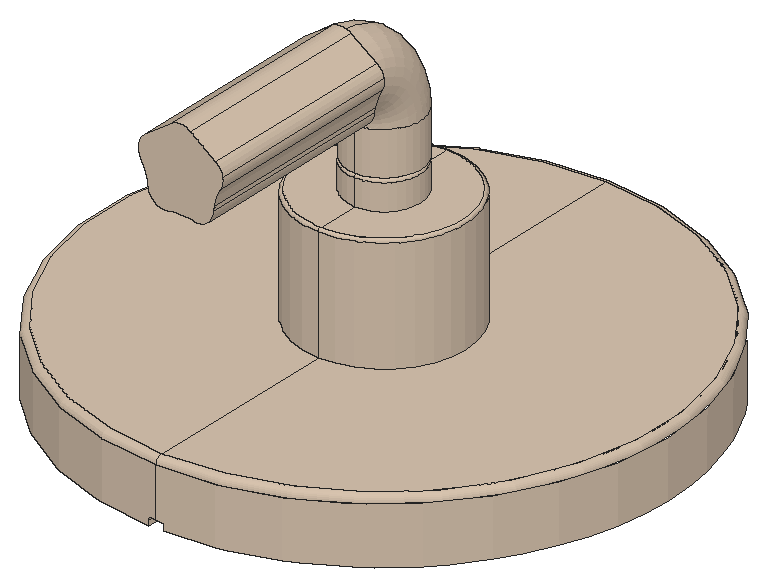
Revit family "Shower-Valve_Trim-KALLISTA-One-P32418_1", category Specialty Equipment, host Face, Revit 2021
Family settings
  Host = Face
  Round Connector Dimension = Use Diameter
  Part Type = Normal
  OmniClass Number = 23.31.25.00
  OmniClass Title = Toilet and Bath Specialties
  Cut with Voids When Loaded = No
  Shared = No
  Room Calculation Point = No
Parameters (values of type "BAF-Brushed French Gold")
  Width = 6.25197"  # constant formula
  WaterSense Certified = 1 = 0  # no
  URL = "https://www.kallista.com/"
  Type = 3
  Product Page URL = ""
  Product Name = "One"  # constant formula
  Product Documentation Link = ""
  Model = if(Type = 1, "P32418-LV-CP", if(Type = 2, "P32418-LV-SN", if(Type = 3, "P32418-LV-BAF", if(Type = 4, "P32418-LV-BL", if(Type = 5, "P32418-LV-BN", "NA")))))  # "P32418-LV-BAF"
  Material = "Premium Metal Construction"  # constant formula
  Master Format 2014 Name = "Toilet, Bath, and Laundry Accessories"  # constant formula
  Master Format 2014 = "10 28 00"  # constant formula
  Manufacturer Address = "444 Highland Dr, Kohler, WI 53044"  # constant formula
  Manufacturer = "Kallista Co."  # constant formula
  Length = 3.82677"  # constant formula
  Height = 6.25197"  # constant formula
  Handle Clearance = 2.7874"  # constant formula
  Finish = Kallista-Metal-BAF-Brushed_French_Gold
  Environmental Product Declaration = ""
  Description = "FP5 Thermo Trim"  # constant formula
  Default Elevation = 42"
  Declare Label = ""
  Date Modified = "03/27/2023"  # constant formula
  Date Created = "03/27/2023"  # constant formula
  Copyright = "Copyright Kallista Co."  # constant formula
  Contact Us = "https://www.kallista.com/corporate/contact-us/"
  Assembly Code = "C1030200"
  ADA Compliant = 1 = 0  # no
Types (6): name | Type | Model | Finish
  (no name) | 3 | "P32418-LV-BAF" | Kallista-Metal-BAF-Brushed_French_Gold
  CP-Chrome | 1 | "P32418-LV-CP" | Kallista-Metal-CP-Chrome
  SN-Polished Nickel | 2 | "P32418-LV-SN" | Kallista-Metal-SN-Polished_Nickel
  BAF-Brushed French Gold | 3 | "P32418-LV-BAF" | Kallista-Metal-BAF-Brushed_French_Gold
  BL-Matte Black | 4 | "P32418-LV-BL" | Kalista-Metal-BL-Matte_Black
  BN-Brushed Nickel | 5 | "P32418-LV-BN" | Kallista-Metal-BN-Brushed_Nickel
Reference planes (in)
  plane 1 "Center (Front/Back)": y = 0
  plane 2: z = 0
  plane 3 "Center (Left/Right)": x = 0
  plane 4: y = 3.12598
  plane 5: x = -3.12598
  plane 6: x = 3.12598
  plane 7: y = -3.12598
  plane 8: y = 0.89961
  plane 9: x = -0.89961
  plane 10: x = 0.89961
  plane 11: y = -2.7874
  plane 12: x = 0.45276
  plane 13: x = -0.45276
  plane 14: x = 0.40157
  plane 15: x = -0.40157
  plane 16: z = 0.70079
  plane 17: z = 3.82677
  plane 18: z = 2.92126
  plane 19: y = 0.40094
  plane 20: y = -0.40221
  plane 21: z = 3.37402
  plane 22: z = 1.97
  plane 23: y = -0.89961
Dimensions and locks (in)
  "Handle Clearance": plane 1 "Center (Front/Back)" to plane 11
  "Length": level to plane 17
  "Height": plane 4 to plane 7
  "Width": plane 5 to plane 6
  plane 1 "Center (Front/Back)" to plane 11 = 2.7874"
  plane 9 to plane 10 = 1.79921"  (x2)
  level to plane 17 = 3.82677"
  level to plane 16 = 0.70079"  (x2)
  plane 13 to plane 12 = 0.90551"  (x2)
  plane 22 to level = 1.97"
  plane 16 to level = 0.70079"
  plane 15 to plane 14 = 0.80315"
  plane 21 to level = 3.37402"  (x2)
  plane 18 to plane 17 = 0.90551"
  plane 8 to plane 23 = 1.79921"
  plane 4 to plane 7 = 6.25197"
  aligned and locked: plane 2 to host face
  aligned and locked: level to host face
  aligned and locked: plane 1 "Center (Front/Back)" to nested 1
  aligned and locked: plane 3 "Center (Left/Right)" to nested 1
Automatic sketch dimensions
  host sketch curve to host sketch curve = 96"  (x2)
Nested families (in)
  nested 1: "P32418" at (0, 0, 0), type "P32418"
Definition of nested family "P32418"
  Parameters
    Material = none
    Default Elevation = 0"
  Reference planes (in)
    plane 1 "Center (Front/Back)": y = 0
    plane 2: z = 0
    plane 3 "Center (Left/Right)": x = 0
    plane 4: x = 0.40157
    plane 5: x = -0.40157
    plane 6: z = 0.70079
    plane 7: x = 0.89961
    plane 8: x = -0.89961
    plane 9: z = 3.82677
    plane 10: y = -2.7874
    plane 11: y = 0.89961
    plane 12: y = -0.89961
    plane 13: z = 1.97
    plane 14: x = 0.45276
    plane 15: x = -0.45276
    plane 16: z = 2.92126
    plane 17: x = 0.40157
    plane 18: x = -3.12598
    plane 19: x = 3.12598
    plane 20: y = -3.12598
    plane 21: y = 3.12598
  Forms (in)
    Revolve 1, solid, material <- "Material", detail levels medium+fine
      sketch origin (0, 0, 0) x (0, 1, 0) y (0, 0, 1)
        loop
          arc (3.12598, 0.62051) -> (3.10247, 0.67727) -> (3.04571, 0.70079) r 0.08028
          line (3.04571, 0.70079) -> (0.89961, 0.70079) -> (0.89961, 1.93815)
          arc (0.89961, 1.93815) -> (0.89028, 1.96067) -> (0.86775, 1.97) r 0.03185
          line (0.86775, 1.97) -> (0.40157, 1.97) -> (0.40157, 2.25323)
          arc (0.40157, 2.25323) -> (0.39374, 2.27216) -> (0.37481, 2.28) r 0.02677
          line (0.37481, 2.28) -> (0, 2.28) -> (0, 0) -> (3.12598, 0) -> (3.12598, 0.62051)
        axis (0, 2.28) -> (0, 0)
      angle from 0 to 360
    Sweep 2, solid, material <- "Material", detail levels medium+fine
      path origin (0, 0, 0) x (0, 1, 0) y (0, 0, 1)
        loop
          arc (-0.5941, 3.37402) -> (-0.17401, 3.20001) -> (0, 2.77992) r 0.5941
          line (0, 2.77992) -> (0, 2.3)
      profile origin (0, 0, 2.53996) x (1, 0, 0) y (0, 1, 0)
        loop
          circle (0, 0) r 0.40157
    Sweep 3, solid, material <- "Material", detail levels medium+fine
      path origin (0, 0, 0) x (0, 1, 0) y (0, 0, 1)
        loop
          line (-0.58572, 3.82677) -> (-2.7874, 3.82677)
      profile origin (0, -1.68656, 3.82677) x (0, 0, -1) y (1, 0, 0)
        loop
          arc (0.03441, -0.10748) -> (0.13521, -0.24694) -> (0.23423, -0.38767) r 13.59034
          arc (0.23423, -0.38767) -> (0.28875, -0.4393) -> (0.35938, -0.4648) r 0.18371
          arc (0.35938, -0.4648) -> (0.42466, -0.46312) -> (0.48581, -0.44022) r 0.19718
          arc (0.48581, -0.44022) -> (0.57831, -0.39598) -> (0.6766, -0.36678) r 0.65271
          arc (0.6766, -0.36678) -> (0.70138, -0.36271) -> (0.72643, -0.36102) r 0.26356
          arc (0.72643, -0.36102) -> (0.81903, -0.33288) -> (0.88321, -0.26044) r 0.17795
          arc (0.88321, -0.26044) -> (0.89862, -0.21849) -> (0.90559, -0.17434) r 0.22926
          arc (0.90559, -0.17434) -> (0.90457, -0.14725) -> (0.89837, -0.12085) r 0.14044
          arc (0.89837, -0.12085) -> (0.88772, -0.0742) -> (0.88687, -0.02636) r 0.23203
          arc (0.88687, -0.02636) -> (0.88941, 0.01429) -> (0.89008, 0.05502) r 0.88574
          arc (0.89008, 0.05502) -> (0.89249, 0.09109) -> (0.90013, 0.12642) r 0.24729
          arc (0.90013, 0.12642) -> (0.90494, 0.15014) -> (0.90559, 0.17434) r 0.14044
          arc (0.90559, 0.17434) -> (0.89862, 0.21849) -> (0.88321, 0.26044) r 0.22926
          arc (0.88321, 0.26044) -> (0.81903, 0.33288) -> (0.72643, 0.36102) r 0.17795
          arc (0.72643, 0.36102) -> (0.70138, 0.36271) -> (0.6766, 0.36678) r 0.26356
          arc (0.6766, 0.36678) -> (0.57831, 0.39598) -> (0.48581, 0.44022) r 0.65271
          arc (0.48581, 0.44022) -> (0.42466, 0.46312) -> (0.35938, 0.4648) r 0.19718
          arc (0.35938, 0.4648) -> (0.28875, 0.4393) -> (0.23423, 0.38767) r 0.18371
          arc (0.23423, 0.38767) -> (0.13521, 0.24694) -> (0.03441, 0.10748) r 13.59034
          arc (0.03441, 0.10748) -> (-0.00074, 0) -> (0.03441, -0.10748) r 0.18189
    Extrusion 4, void
      sketch origin (0, 0, 0) x (1, 0, 0) y (0, 0, 1)
        loop
          line (-0.08, -0.03332) -> (0.08, -0.03332) -> (0.08, 0.05942)
          arc (0.08, 0.05942) -> (0.07423, 0.07334) -> (0.06031, 0.07911) r 0.01969
          line (0.06031, 0.07911) -> (-0.06031, 0.07911)
          arc (-0.06031, 0.07911) -> (-0.07423, 0.07334) -> (-0.08, 0.05942) r 0.01969
          line (-0.08, 0.05942) -> (-0.08, -0.03332)
      from 2.7874 to 3.41538
    Revolve 5, solid, material <- "Material", detail levels coarse
      sketch origin (0, 0, 0) x (0, 1, 0) y (0, 0, 1)
        loop
          line (3.12598, 0) -> (3.12598, 0.62893)
          arc (3.12598, 0.62893) -> (3.10494, 0.67974) -> (3.05412, 0.70079) r 0.07186
          line (3.05412, 0.70079) -> (0.89961, 0.70079) -> (0.89961, 1.9356)
          arc (0.89961, 1.9356) -> (0.88953, 1.95992) -> (0.86521, 1.97) r 0.0344
          line (0.86521, 1.97) -> (0.40157, 1.97) -> (0.40157, 2.27989) -> (0, 2.27989) -> (0, 0) -> (3.12598, 0)
        axis (0, 2.27989) -> (0, 0)
      angle from 0 to 360
    Sweep 6, solid, material <- "Material", detail levels coarse
      path origin (0, 0, 0) x (0, 1, 0) y (0, 0, 1)
        loop
          line (0, 2.3) -> (0, 2.84358)
          arc (0, 2.84358) -> (-0.14568, 3.19528) -> (-0.49738, 3.34096) r 0.49738
          line (-0.49738, 3.34096) -> (-0.58572, 3.34096)
      profile origin (0, 0, 2.57179) x (0, -1, 0) y (1, 0, 0)
        loop
          circle (0, 0) r 0.40157
    Revolve 7, solid, detail levels coarse
      sketch origin (0, 0, 0) x (0, 1, 0) y (0, 0, 1)
        loop
          line (0.29998, 2.28) -> (0.29998, 2.31183) -> (0, 2.31183) -> (0, 2.28) -> (0.29998, 2.28)
        axis (0, 2.31183) -> (0, 2.27246)
      angle from 0 to 360
    Revolve 8, solid, detail levels medium+fine
      sketch origin (0, 0, 0) x (0, 1, 0) y (0, 0, 1)
        loop
          line (0.3, 2.28) -> (0.3, 2.31111) -> (0, 2.31111) -> (0, 2.28) -> (0.3, 2.28)
        axis (0, 2.31111) -> (0, 2.27174)
      angle from 0 to 360
    Extrusion 9, solid, material <- "Material", detail levels coarse
      sketch origin (0, 0, 0) x (1, 0, 0) y (0, 0, 1)
        loop
          circle (0.00008, 3.35547) r 0.47244
      from 0.58572 to 2.7874
  Cuts and joins
    Extrusion 4 cuts Revolve 1
    joined: Revolve 1, Sweep 2, Sweep 3
  Lines and regions (in)
    Masking region 1
      outline origin (0, 0, 0) x (1, 0, 0) y (0, 1, 0)
        loop
          circle (0, 0) r 3.12598
    Masking region 2
      outline origin (0, 0, 0) x (1, 0, 0) y (0, 0, 1)
        loop
          line (3.12598, 0) -> (3.11299, 0.63154)
          arc (3.11299, 0.63154) -> (3.09178, 0.68059) -> (3.0423, 0.70079) r 0.07071
          line (3.0423, 0.70079) -> (0.89961, 0.70079) -> (0.89961, 1.94121)
          arc (0.89961, 1.94121) -> (0.89117, 1.96157) -> (0.87082, 1.97) r 0.02879
          line (0.87082, 1.97) -> (0.40157, 1.97) -> (0.40157, 2.24997)
          arc (0.40157, 2.24997) -> (0.39374, 2.26887) -> (0.37484, 2.2767) r 0.02673
          line (0.37484, 2.2767) -> (0.32813, 2.2767) -> (0.27955, 2.29962) -> (0.38194, 2.29962)
          arc (0.38194, 2.29962) -> (0.39582, 2.30537) -> (0.40157, 2.31925) r 0.01963
          line (0.40157, 2.31925) -> (0.40157, 3.26218)
          arc (0.40157, 3.26218) -> (0.40757, 3.2802) -> (0.41629, 3.29707) r 0.12195
          arc (0.41629, 3.29707) -> (0.45293, 3.43977) -> (0.40157, 3.57785) r 0.24633
          arc (0.40157, 3.57785) -> (0.3777, 3.59786) -> (0.34948, 3.61104) r 0.11977
          arc (0.34948, 3.61104) -> (0.31046, 3.62726) -> (0.27487, 3.65003) r 0.24153
          arc (0.27487, 3.65003) -> (0.24295, 3.67359) -> (0.21007, 3.6958) r 0.94954
          arc (0.21007, 3.6958) -> (0.18817, 3.71345) -> (0.17043, 3.73528) r 0.13405
          arc (0.17043, 3.73528) -> (-0.00147, 3.82675) -> (-0.17043, 3.72995) r 0.20136
          arc (-0.17043, 3.72995) -> (-0.18755, 3.70974) -> (-0.21007, 3.6958) r 0.08473
          arc (-0.21007, 3.6958) -> (-0.24295, 3.67359) -> (-0.27487, 3.65003) r 0.94954
          arc (-0.27487, 3.65003) -> (-0.31046, 3.62726) -> (-0.34948, 3.61104) r 0.24153
          arc (-0.34948, 3.61104) -> (-0.3777, 3.59786) -> (-0.40157, 3.57785) r 0.11977
          arc (-0.40157, 3.57785) -> (-0.45293, 3.43977) -> (-0.41629, 3.29707) r 0.24633
          arc (-0.41629, 3.29707) -> (-0.40757, 3.2802) -> (-0.40157, 3.26218) r 0.12195
          line (-0.40157, 3.26218) -> (-0.40157, 2.3193)
          arc (-0.40157, 2.3193) -> (-0.39581, 2.30538) -> (-0.38189, 2.29962) r 0.01969
          line (-0.38189, 2.29962) -> (-0.27955, 2.29962) -> (-0.32813, 2.2767) -> (-0.37705, 2.2767)
          arc (-0.37705, 2.2767) -> (-0.39439, 2.26952) -> (-0.40157, 2.25218) r 0.02452
          line (-0.40157, 2.25218) -> (-0.40157, 1.97) -> (-0.87082, 1.97)
          arc (-0.87082, 1.97) -> (-0.89117, 1.96157) -> (-0.89961, 1.94121) r 0.02879
          line (-0.89961, 1.94121) -> (-0.89961, 0.70079) -> (-3.0423, 0.70079)
          arc (-3.0423, 0.70079) -> (-3.09178, 0.68059) -> (-3.11299, 0.63154) r 0.07071
          line (-3.11299, 0.63154) -> (-3.12598, 0) -> (3.12598, 0)
    Masking region 3
      outline origin (0, 0, 0) x (0, 1, 0) y (0, 0, 1)
        loop
          line (3.12598, 0) -> (3.11334, 0.63132)
          arc (3.11334, 0.63132) -> (3.0922, 0.68051) -> (3.04265, 0.70079) r 0.07071
          line (3.04265, 0.70079) -> (0.89961, 0.70079) -> (0.89961, 1.94121)
          arc (0.89961, 1.94121) -> (0.89117, 1.96157) -> (0.87082, 1.97) r 0.02879
          line (0.87082, 1.97) -> (0.40094, 1.97) -> (0.40094, 2.24997)
          arc (0.40094, 2.24997) -> (0.39311, 2.26887) -> (0.37421, 2.2767) r 0.02673
          line (0.37421, 2.2767) -> (0.32749, 2.2767) -> (0.27892, 2.29962) -> (0.38131, 2.29962)
          arc (0.38131, 2.29962) -> (0.39519, 2.30537) -> (0.40094, 2.31925) r 0.01963
          line (0.40094, 2.31925) -> (0.40094, 2.75613)
          arc (0.40094, 2.75613) -> (0.1216, 3.44617) -> (-0.5591, 3.74757) r 0.99195
          arc (-0.5591, 3.74757) -> (-0.57772, 3.74038) -> (-0.58551, 3.722) r 0.02559
          line (-0.58551, 3.722) -> (-0.58551, 3.80118)
          arc (-0.58551, 3.80118) -> (-0.59301, 3.81928) -> (-0.6111, 3.82677) r 0.02559
          line (-0.6111, 3.82677) -> (-2.76181, 3.82677)
          arc (-2.76181, 3.82677) -> (-2.77991, 3.81928) -> (-2.7874, 3.80118) r 0.02559
          line (-2.7874, 3.80118) -> (-2.7874, 2.94685)
          arc (-2.7874, 2.94685) -> (-2.77991, 2.92876) -> (-2.76181, 2.92126) r 0.02559
          line (-2.76181, 2.92126) -> (-0.61094, 2.92126)
          arc (-0.61094, 2.92126) -> (-0.59296, 2.92871) -> (-0.58551, 2.94669) r 0.02543
          line (-0.58551, 2.94669) -> (-0.58551, 2.98032)
          arc (-0.58551, 2.98032) -> (-0.57964, 2.95879) -> (-0.56366, 2.94321) r 0.04244
          arc (-0.56366, 2.94321) -> (-0.44815, 2.87969) -> (-0.40221, 2.75613) r 0.18911
          line (-0.40221, 2.75613) -> (-0.40221, 2.3193)
          arc (-0.40221, 2.3193) -> (-0.39644, 2.30538) -> (-0.38253, 2.29962) r 0.01969
          line (-0.38253, 2.29962) -> (-0.28019, 2.29962) -> (-0.32876, 2.2767) -> (-0.37769, 2.2767)
          arc (-0.37769, 2.2767) -> (-0.39503, 2.26952) -> (-0.40221, 2.25218) r 0.02452
          line (-0.40221, 2.25218) -> (-0.40221, 1.97) -> (-0.87082, 1.97)
          arc (-0.87082, 1.97) -> (-0.89117, 1.96157) -> (-0.89961, 1.94121) r 0.02879
          line (-0.89961, 1.94121) -> (-0.89961, 0.70079) -> (-3.04392, 0.70079)
          arc (-3.04392, 0.70079) -> (-3.09347, 0.68053) -> (-3.11462, 0.63136) r 0.07071
          line (-3.11462, 0.63136) -> (-3.12598, 0) -> (3.12598, 0)
    symbolic lines, detail levels medium+fine
      curve 1: line (-0.45276, -0.60541, 0) -> (-0.45276, -2.77012, 0)
      curve 2: line (0.45276, -0.60541, 0) -> (0.45276, -2.77011, 0)
      curve 3: line (-0.43307, -0.58572, 0) -> (0.43307, -0.58572, 0)
      curve 4: line (-0.40157, 0.00406, 0) -> (-0.40157, -0.56473, 0)
      curve 5: line (0.40157, 0.00406, 0) -> (0.40157, -0.56473, 0)
      curve 6: arc (0.40157, 0.00406, 0) -> (0, 0.40563, 0) -> (-0.40157, 0.00406, 0) r 0.40157
      curve 7: arc (-0.43307, -0.58572, 0) -> (-0.44699, -0.59149, 0) -> (-0.45276, -0.60541, 0) r 0.01969
      curve 8: arc (0.43307, -0.58572, 0) -> (0.44699, -0.59149, 0) -> (0.45276, -0.60541, 0) r 0.01969
      curve 9: line (0.45276, -2.76772, 0) -> (-0.45276, -2.76772, 0)
      curve 10: arc (0.45276, -0.74075, 0) -> (0, 0.86816, 0) -> (-0.45276, -0.74075, 0) r 0.86816
      curve 11: arc (0.45276, -0.77737, 0) -> (0, 0.89961, 0) -> (-0.45276, -0.77737, 0) r 0.89961
      curve 12: line (-0.45276, -0.61663, 0) -> (0.45276, -0.61663, 0)
      curve 13: line (-0.40157, -0.56473, 0) -> (0.40157, -0.56473, 0)
      curve 14: arc (0.40157, -0.56473, 0) -> (0.39073, -0.58115, 0) -> (0.37159, -0.58572, 0) r 0.02678
      curve 15: arc (-0.40157, -0.56473, 0) -> (-0.39073, -0.58115, 0) -> (-0.37159, -0.58572, 0) r 0.02678
      curve 16: line (-0.43654, -0.61663, 0) -> (-0.43654, -2.76772, 0)
      curve 17: line (-0.40946, -2.76772, 0) -> (-0.40946, -0.61663, 0)
      curve 18: line (-0.37625, -2.76772, 0) -> (-0.37625, -0.61663, 0)
      curve 19: line (-0.33945, -2.76772, 0) -> (-0.33945, -0.61663, 0)
      curve 20: line (-0.30901, -2.76772, 0) -> (-0.30901, -0.61663, 0)
      curve 21: line (-0.27919, -2.76772, 0) -> (-0.27919, -0.61663, 0)
      curve 22: line (-0.25248, -2.76772, 0) -> (-0.25248, -0.61663, 0)
      curve 23: line (-0.2413, -2.76772, 0) -> (-0.2413, -0.61663, 0)
      curve 24: line (-0.23074, -2.76772, 0) -> (-0.23074, -0.61663, 0)
      curve 25: line (-0.22017, -2.76772, 0) -> (-0.22017, -0.61663, 0)
      curve 26: line (-0.19346, -2.76772, 0) -> (-0.19346, -0.61663, 0)
      curve 27: line (-0.16799, -2.76772, 0) -> (-0.16799, -0.61663, 0)
      curve 28: line (-0.11806, -2.76772, 0) -> (-0.11806, -0.61663, 0)
      curve 29: line (-0.08261, -2.76772, 0) -> (-0.08261, -0.61663, 0)
      curve 30: line (-0.04135, -2.76772, 0) -> (-0.04135, -0.61663, 0)
      curve 31: line (0.43654, -0.61663, 0) -> (0.43654, -2.76772, 0)
      curve 32: line (0.40946, -2.76772, 0) -> (0.40946, -0.61663, 0)
      curve 33: line (0.37625, -2.76772, 0) -> (0.37625, -0.61663, 0)
      curve 34: line (0.33945, -2.76772, 0) -> (0.33945, -0.61663, 0)
      curve 35: line (0.30901, -2.76772, 0) -> (0.30901, -0.61663, 0)
      curve 36: line (0.27919, -2.76772, 0) -> (0.27919, -0.61663, 0)
      curve 37: line (0.25248, -2.76772, 0) -> (0.25248, -0.61663, 0)
      curve 38: line (0.2413, -2.76772, 0) -> (0.2413, -0.61663, 0)
      curve 39: line (0.23074, -2.76772, 0) -> (0.23074, -0.61663, 0)
      curve 40: line (0.22017, -2.76772, 0) -> (0.22017, -0.61663, 0)
      curve 41: line (0.19346, -2.76772, 0) -> (0.19346, -0.61663, 0)
      curve 42: line (0.16799, -2.76772, 0) -> (0.16799, -0.61663, 0)
      curve 43: line (0.11806, -2.76772, 0) -> (0.11806, -0.61663, 0)
      curve 44: line (0.08261, -2.76772, 0) -> (0.08261, -0.61663, 0)
      curve 45: line (0.04135, -2.76772, 0) -> (0.04135, -0.61663, 0)
      curve 46: arc (0.38653, 0, 3.56513) -> (0.43319, 0, 3.44025) -> (0.40157, 0, 3.31075) r 0.22664
      curve 47: arc (0.34354, 0, 3.59227) -> (0.36679, 0, 3.58147) -> (0.38653, 0, 3.56513) r 0.10009
      curve 48: arc (0.30644, 0, 3.60722) -> (0.32471, 0, 3.59903) -> (0.34354, 0, 3.59227) r 0.26122
      curve 49: arc (0.16156, 0, 3.7117) -> (0.00132, 0, 3.80709) -> (-0.15854, 0, 3.71106) r 0.18168
      curve 50: arc (-0.30644, 0, 3.60722) -> (-0.32471, 0, 3.59903) -> (-0.34354, 0, 3.59227) r 0.26122
      curve 51: arc (-0.34354, 0, 3.59227) -> (-0.36679, 0, 3.58147) -> (-0.38653, 0, 3.56513) r 0.10009
      curve 52: arc (-0.38653, 0, 3.56513) -> (-0.43319, 0, 3.44025) -> (-0.40157, 0, 3.31075) r 0.22664
      curve 53: arc (0.16156, 0, 3.7117) -> (0.00144, 0, 3.74757) -> (-0.15854, 0, 3.71106) r 0.37201
      curve 54: arc (0.40157, 0, 3.39437) -> (0.37175, 0, 3.50872) -> (0.30644, 0, 3.60722) r 0.35939
      curve 55: arc (-0.40157, 0, 3.39437) -> (-0.37175, 0, 3.50872) -> (-0.30644, 0, 3.60722) r 0.35939
      curve 56: line (0.40157, 0, 3.39437) -> (0.40157, 0, 3.26218)
      curve 57: line (-0.40157, 0, 3.39437) -> (-0.40157, 0, 3.26218)
      curve 58: line (0.38194, 0, 2.29962) -> (-0.38189, 0, 2.29962)
      curve 59: line (0.32813, 0, 2.2767) -> (0.27955, 0, 2.29962)
      curve 60: line (-0.32813, 0, 2.2767) -> (-0.27955, 0, 2.29962)
      curve 61: line (-3.11299, 0, 0.63132) -> (3.113, 0, 0.63132)
      curve 62: line (0.89961, 0, 0.70079) -> (-0.89961, 0, 0.70079)
      curve 63: line (0.89961, 0, 1.94121) -> (-0.89961, 0, 1.94121)
      curve 64: line (0.40157, 0, 1.97) -> (-0.40157, 0, 1.97)
      curve 65: line (0.40157, 0, 2.24997) -> (-0.40157, 0, 2.25218)
      curve 66: line (0.40157, 0, 2.31925) -> (-0.40157, 0, 2.3193)
      curve 67: line (0.40157, 0, 2.74874) -> (-0.40157, 0, 2.74874)
      curve 68: line (0.32813, 0, 2.2767) -> (-0.32813, 0, 2.2767)
      curve 69: arc (-0.15854, 0, 3.71106) -> (-0.23791, 0, 3.66686) -> (-0.30644, 0, 3.60722) r 0.43756
      curve 70: arc (0.30644, 0, 3.60722) -> (0.23912, 0, 3.66656) -> (0.16156, 0, 3.7117) r 0.46008
      curve 71: line (0, -0.61095, 3.82677) -> (0, -0.61095, 3.79804)
      curve 72: line (0, -2.76181, 3.82677) -> (0, -2.76181, 2.92126)
      curve 73: line (0, -0.40221, 2.75613) -> (0, 0.40094, 2.75613)
      curve 74: line (0, 0.27892, 2.29962) -> (0, -0.28019, 2.29962)
      curve 75: line (0, 0.32749, 2.2767) -> (0, -0.32876, 2.2767)
      curve 76: line (0, -0.40221, 2.25218) -> (0, 0.40094, 2.24997)
      curve 77: line (0, 0.40094, 2.31925) -> (0, -0.40221, 2.3193)
      curve 78: line (0, 0.89961, 1.94121) -> (0, -0.89961, 1.94121)
      curve 79: line (0, 0.40094, 1.97) -> (0, -0.40221, 1.97)
      curve 80: line (0, 0.89897, 0.70079) -> (0, -0.90024, 0.70079)
      curve 81: line (0, -3.11462, 0.63132) -> (0, 3.11334, 0.63132)
      curve 82: line (0, -0.61095, 3.77559) -> (0, -2.76181, 3.77559)
      curve 83: line (0, -0.61095, 3.75559) -> (0, -2.76181, 3.75559)
      curve 84: line (0, -0.61095, 3.72985) -> (0, -2.76181, 3.72985)
      curve 85: line (0, -0.61095, 3.70725) -> (0, -2.76181, 3.70725)
      curve 86: line (0, -0.61095, 3.68591) -> (0, -2.76181, 3.68591)
      curve 87: line (0, -0.61095, 3.6721) -> (0, -2.76181, 3.6721)
      curve 88: line (0, -0.61095, 3.66331) -> (0, -2.76181, 3.66331)
      curve 89: line (0, -0.61095, 3.6269) -> (0, -2.76181, 3.6269)
      curve 90: line (0, -0.61095, 3.61689) -> (0, -2.76181, 3.61689)
      curve 91: line (0, -0.61095, 3.60533) -> (0, -2.76181, 3.60533)
      curve 92: line (0, -0.61095, 3.59873) -> (0, -2.76181, 3.59873)
      curve 93: line (0, -0.61095, 3.56993) -> (0, -2.76181, 3.56993)
      curve 94: line (0, -0.61095, 3.53791) -> (0, -2.76181, 3.53791)
      curve 95: line (0, -0.61095, 3.48771) -> (0, -2.76181, 3.48771)
      curve 96: line (0, -0.61095, 3.44856) -> (0, -2.76181, 3.44856)
      curve 97: line (0, -0.61095, 3.40559) -> (0, -2.76181, 3.40559)
      curve 98: line (0, -2.76181, 3.37402) -> (0, -0.61095, 3.37402)
      curve 99: line (0, -0.61079, 2.94999) -> (0, -2.76181, 2.94999)
      curve 100: line (0, -0.61095, 2.99244) -> (0, -2.76181, 2.99244)
      curve 101: line (0, -0.61095, 3.01818) -> (0, -2.76181, 3.01818)
      curve 102: line (0, -0.61095, 3.04078) -> (0, -2.76181, 3.04078)
      curve 103: line (0, -0.61095, 3.06212) -> (0, -2.76181, 3.06212)
      curve 104: line (0, -0.61095, 3.07593) -> (0, -2.76181, 3.07593)
      curve 105: line (0, -0.61095, 3.08472) -> (0, -2.76181, 3.08472)
      curve 106: line (0, -0.61095, 3.12114) -> (0, -2.76181, 3.12114)
      curve 107: line (0, -0.61095, 3.13114) -> (0, -2.76181, 3.13114)
      curve 108: line (0, -0.61095, 3.1427) -> (0, -2.76181, 3.1427)
      curve 109: line (0, -0.61095, 3.1493) -> (0, -2.76181, 3.1493)
      curve 110: line (0, -0.61095, 3.1781) -> (0, -2.76181, 3.1781)
      curve 111: line (0, -0.61095, 3.21012) -> (0, -2.76181, 3.21012)
      curve 112: line (0, -0.61095, 3.26032) -> (0, -2.76181, 3.26032)
      curve 113: line (0, -0.61095, 3.29947) -> (0, -2.76181, 3.29947)
      curve 114: line (0, -0.61095, 3.34244) -> (0, -2.76181, 3.34244)
      curve 115: line (0, -0.5591, 3.74757) -> (0, -0.5591, 2.94247)
      curve 116: line (0, -0.58551, 3.79804) -> (0, -0.58551, 2.97244)
      curve 117: circle (0, 0, 0) r 3.09055 normal (0, 0, 1)
      curve 118: line (0.43547, -2.7874, 0) -> (-0.43547, -2.7874, 0)
      curve 119: arc (0.45276, -2.77011, 0) -> (0.44769, -2.78234, 0) -> (0.43547, -2.7874, 0) r 0.01729
      curve 120: arc (-0.45276, -2.77012, 0) -> (-0.44769, -2.78234, 0) -> (-0.43547, -2.7874, 0) r 0.01728
      curve 121: line (0, -0.61095, 2.97244) -> (0, -2.76181, 2.97244)
      curve 122: line (0, -0.6108, 2.97244) -> (0, -0.61079, 2.92126)
      curve 123: line (0, -0.61095, 3.79804) -> (0, -2.76181, 3.79804)
      curve 124: line (0, -0.61095, 3.79804) -> (0, -0.61095, 2.97244)
  Dimensions and locks (in)
    plane 5 to plane 4 = 0.80315"
    plane 4 to plane 5 = 0.80315"
    plane 9 to level = 3.82677"
    plane 6 to level = 0.70079"
    plane 7 to plane 8 = 1.79921"
    level to plane 6 = 0.70079"
    plane 1 "Center (Front/Back)" to plane 10 = 2.7874"
    plane 21 to plane 1 "Center (Front/Back)" = 3.12598"
    plane 11 to plane 12 = 1.79921"
    aligned and locked: plane 2 to level
